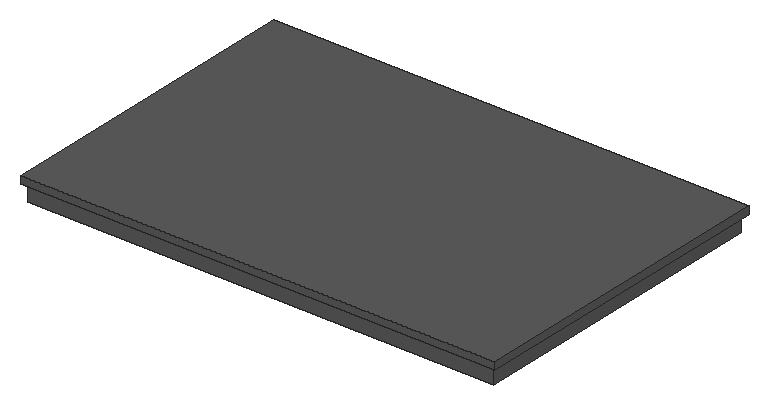
Revit family "FlushPlateControlPanel-12cm-SmartPanel-Vitra-VCareSeries-742-15", category Plumbing Fixtures, host Face, Revit 2017
Family settings
  Host = Face
  Round Connector Dimension = Use Diameter
  Part Type = Normal
  OmniClass Number = 23.45.00.00
  OmniClass Title = Sanitary, Laundry, and Cleaning Equipment
  Cut with Voids When Loaded = No
  Shared = Yes
  Room Calculation Point = No
Parameters (values of type "FlushPlateControlPanel-SmartPanel-Vitra-VCareSeries_742-1501")
  Youtube = "https://www.youtube.com/user/VitrAglobal"
  Weight Net (kg) = "1.54"
  Waste Connection = no
  Warranty Period (Year) = "2 Years"
  Vent Connection = no
  Uniformat II Description = "PLUMBING"
  Uniformat II Code = "D20"
  Uniclass 2015 Name = "Sanitary accessories"
  Uniclass 2015 Code = "Pr_40_20_76"
  Uniclass 2.0 Description = "Sanitary Accessories"
  Uniclass 2.0 Code = "PR-31-75"
  Uniclass 1.4 Description = "Packaged plumbing units"
  Uniclass 1.4 Code = "L71111"
  URL = "https://www.vitra.com.tr/"
  UNSPSC Description = "Plumbing connectors"
  UNSPSC Code = ""
  Technical description = "https://www.vitraglobal.com/pdf/742-1501/"
  Tap hole Options (default) = ""
  Specification = ""
  Region South America = "All"
  Region Oceania = "All"
  Region North America = "All"
  Region Middle East = "All"
  Region Europe = "All"
  Region Asia = "All"
  Region Antarctica = "All"
  Region Africa = "All"
  Product url = "https://www.vitraglobal.com/flushing-solutions-flush-plates/flush-plates/smart-control-panels/smart-panel-sku-742-1501/"
  Product manual = ""
  Product group = "WC Cisterns Control Panel"
  Product family = "V-Care"
  Product data url = ""
  Product certification = "https://www.vitraglobal.com/brochures/"
  Product Type = ""
  Product SKU = "742-1501"
  Product Properties = "Vitra V-Care Control Panel"
  Product Guid = ""
  OmniClass Description = "Plumbing Specific Products and Equipment"
  OmniClass Code = "23-31 00 00"
  Nominal Width (mm) = 238 mm
  Nominal Height (mm) = 159 mm
  Nominal Depth (mm) = 12 mm
  NBS Referans Description = "Sanitary Accessories"
  NBS Referans Code = "31-75"
  Mounting type = "Wall Mounted"
  Model = "742-1501"
  Masterformat 2014 Description = "Plumbing"
  Masterformat 2014 Code = "22 00 00"
  Manufacturer name = "Vitra"
  Manufacturer = "Vitra"
  Main Material = "Metal"
  Installation instructions = "https://www.vitraglobal.com/uyeIslem/fileDownload.aspx?udkEnc=xIlZtQJB765O7UlNFbrtstcTIZxr43Lrjda2q43+/bW4nK0+sfbHTOfY7kWEOeIIilBEDll1wGeGheV6qW0mkQ==&lang=en-US"
  IFC Classification = "Sanitary Terminal"
  Help = ""
  HW Connection = no
  GTIP code = ""
  Features = ""
  EAN code = ""
  Design country = "Turkey"
  Description = "VitrA WC Cisterns Control Panel - Smart Panel\r\nCompatible with Regular Frames (742-frames)"
  Default Elevation = 0 mm
  Color = "Black"
  Coating Material = Matte Black
  Calculated flow = ""
  CW Connection = no
  COBIe Type Category = ""
  Brand = "VitrA"
  BIMobject category = "Toilet Cisterns"
  Article No. (default) = "742-1501"
  Approvals = ""
  ApplicationType = ""
  Accessories (default) = ""
Reference planes
  plane 1 "Center (Front/Back)": y = 0
  plane 2: z = 0
  plane 3 "Center (Left/Right)": x = 0
  plane 4: z = 4
  plane 5: z = -8
  plane 6: y = 79.5
  plane 7: y = -79.5
  plane 8: x = 119
  plane 9: x = -119
Forms (mm)
  Extrusion 1, solid, material "Matte Black" <- "Coating Material", detail levels medium+fine
    sketch origin (0, 0, 0) x (1, 0, 0) y (0, 1, 0)
      loop
        line (119, 79.5) -> (-119, 79.5) -> (-119, -79.5) -> (119, -79.5) -> (119, 79.5)
    from 0 to 4
  Extrusion 2, solid, material "Matte Black" <- "Coating Material", detail levels medium+fine
    sketch origin (0, 0, 0) x (1, 0, 0) y (0, 1, 0)
      loop
        line (117, 77.5) -> (-117, 77.5) -> (-117, -77.5) -> (117, -77.5) -> (117, 77.5)
    from 0 to -8
  Extrusion 3, solid, detail levels coarse
    sketch origin (0, 0, 0) x (1, 0, 0) y (0, 1, 0)
      loop
        line (119, 79.5) -> (-119, 79.5) -> (-119, -79.5) -> (119, -79.5) -> (119, 79.5)
    from 4 to -8
Cuts and joins
  joined: Extrusion 1, Extrusion 2
Lines and regions (mm)
  model lines, style "0", detail levels fine
    curve 1: line (119, 79.5, 4) -> (-119, 79.5, 4)
    curve 2: line (-119, 79.5, 4) -> (-119, -79.5, 4)
    curve 3: line (-119, -79.5, 4) -> (119, -79.5, 4)
    curve 4: line (119, -79.5, 4) -> (119, 79.5, 4)
    curve 5: line (-52.066, 26.833, 4) -> (-52.555, 27.537, 4)
    curve 6: line (-52.555, 27.537, 4) -> (-53.1, 26.876, 4)
    curve 7: line (99.36, -57.938, 4) -> (97.728, -58.065, 4)
    curve 8: line (-48.347, -60.727, 4) -> (-47.457, -60.727, 4)
    curve 9: line (-99.733, -60.474, 4) -> (-94.323, -60.474, 4)
    curve 10: line (-47.457, -60.361, 4) -> (-48.204, -60.361, 4)
    curve 11: line (-48.204, -60.361, 4) -> (-48.204, -58.762, 4)
    curve 12: line (-94.323, -59.974, 4) -> (-99.733, -59.974, 4)
    curve 13: line (-25.205, -59.824, 4) -> (-23.592, -59.824, 4)
    curve 14: line (-21.881, -59.824, 4) -> (-20.348, -59.824, 4)
    curve 15: line (-49.737, -60.493, 4) -> (-49.737, -59.769, 4)
    curve 16: line (-49.737, -59.769, 4) -> (-49.13, -59.769, 4)
    curve 17: line (-43.167, -60.493, 4) -> (-43.167, -59.754, 4)
    curve 18: line (-43.167, -59.754, 4) -> (-42.371, -59.754, 4)
    curve 19: line (-42.371, -59.754, 4) -> (-42.371, -60.493, 4)
    curve 20: line (-42.371, -58.762, 4) -> (-42.371, -59.392, 4)
    curve 21: line (-42.371, -59.392, 4) -> (-43.167, -59.392, 4)
    curve 22: line (-43.167, -59.392, 4) -> (-43.167, -58.762, 4)
    curve 23: line (-20.348, -59.321, 4) -> (-21.881, -59.321, 4)
    curve 24: line (-23.592, -59.321, 4) -> (-25.205, -59.321, 4)
    curve 25: line (-49.13, -59.435, 4) -> (-49.737, -59.435, 4)
    curve 26: line (-49.737, -59.435, 4) -> (-49.737, -58.873, 4)
    curve 27: line (-49.737, -58.873, 4) -> (-49.011, -58.873, 4)
    curve 28: line (-49.011, -58.53, 4) -> (-49.88, -58.53, 4)
    curve 29: line (-99.733, -58.261, 4) -> (-94.323, -58.261, 4)
    curve 30: line (-0.171, -58.254, 4) -> (1.493, -58.254, 4)
    curve 31: line (1.493, -58.254, 4) -> (1.493, -59.156, 4)
    curve 32: line (1.994, -59.156, 4) -> (1.994, -58.254, 4)
    curve 33: line (1.994, -58.254, 4) -> (2.965, -58.254, 4)
    curve 34: line (2.965, -58.254, 4) -> (2.965, -59.156, 4)
    curve 35: line (3.465, -59.156, 4) -> (3.465, -58.254, 4)
    curve 36: line (3.465, -58.254, 4) -> (3.903, -58.254, 4)
    curve 37: line (-94.323, -57.761, 4) -> (-99.733, -57.761, 4)
    curve 38: line (3.903, -57.754, 4) -> (-0.172, -57.754, 4)
    curve 39: line (-50.151, -57.601, 4) -> (-50.048, -57.267, 4)
    curve 40: line (-50.048, -57.267, 4) -> (-49.151, -57.267, 4)
    curve 41: line (-49.151, -57.267, 4) -> (-49.048, -57.594, 4)
    curve 42: line (-25.205, -57.204, 4) -> (-23.672, -57.204, 4)
    curve 43: line (-21.961, -57.204, 4) -> (-20.348, -57.204, 4)
    curve 44: line (-49.604, -55.763, 4) -> (-49.312, -56.728, 4)
    curve 45: line (-49.312, -56.728, 4) -> (-49.89, -56.728, 4)
    curve 46: line (-49.89, -56.728, 4) -> (-49.604, -55.763, 4)
    curve 47: line (-20.348, -56.701, 4) -> (-21.961, -56.701, 4)
    curve 48: line (-23.672, -56.701, 4) -> (-25.205, -56.701, 4)
    curve 49: line (-99.733, -56.048, 4) -> (-94.323, -56.048, 4)
    curve 50: line (-48.51, -57.362, 4) -> (-49.133, -55.503, 4)
    curve 51: line (-50.106, -58.803, 4) -> (-50.106, -60.493, 4)
    curve 52: line (-48.573, -58.762, 4) -> (-48.573, -60.454, 4)
    curve 53: line (-48.306, -55.328, 4) -> (-48.306, -56.714, 4)
    curve 54: line (-47.723, -56.745, 4) -> (-47.723, -55.328, 4)
    curve 55: line (-47.157, -58.762, 4) -> (-47.157, -59.819, 4)
    curve 56: line (-46.788, -59.843, 4) -> (-46.788, -58.762, 4)
    curve 57: line (-46.783, -55.328, 4) -> (-46.783, -56.757, 4)
    curve 58: line (-41.341, 23.031, 4) -> (-41.839, 23.673, 4)
    curve 59: line (-41.839, 23.673, 4) -> (-42.356, 23.047, 4)
    curve 60: line (-45.717, -55.555, 4) -> (-45.24, -55.555, 4)
    curve 61: line (-45.24, -55.555, 4) -> (-45.24, -57.598, 4)
    curve 62: line (-44.658, -57.598, 4) -> (-44.658, -55.555, 4)
    curve 63: line (-44.658, -55.555, 4) -> (-44.181, -55.555, 4)
    curve 64: line (-94.323, -55.548, 4) -> (-99.733, -55.548, 4)
    curve 65: line (-44.181, -54.973, 4) -> (-45.717, -54.973, 4)
    curve 66: line (97.779, -58.5, 4) -> (99.467, -58.598, 4)
    curve 67: line (-46.199, -56.714, 4) -> (-46.199, -55.328, 4)
    curve 68: line (-45.995, -58.762, 4) -> (-45.995, -59.852, 4)
    curve 69: line (-45.627, -59.819, 4) -> (-45.627, -58.762, 4)
    curve 70: line (-43.535, -58.762, 4) -> (-43.535, -60.493, 4)
    curve 71: line (-42.003, -60.493, 4) -> (-42.003, -58.762, 4)
    curve 72: line (9.677, 48.165, 4) -> (7.298, 47.191, 4)
    curve 73: line (1.764, 48.41, 4) -> (-0.145, 47.639, 4)
    curve 74: line (-50.002, -55.314, 4) -> (-50.676, -57.378, 4)
    curve 75: line (-0.285, 25.853, 4) -> (-5.348, 17.083, 4)
    curve 76: line (4.497, 17.245, 4) -> (-4.504, 17.245, 4)
    curve 77: line (-4.504, 17.245, 4) -> (-0.003, 25.041, 4)
    curve 78: line (-0.003, 25.041, 4) -> (4.497, 17.245, 4)
    curve 79: line (-9.489, 47.007, 4) -> (-9.442, 46.074, 4)
    curve 80: line (-7.818, 46.073, 4) -> (-7.818, 47.005, 4)
    curve 81: line (0.283, 19.548, 4) -> (0.332, 23.203, 4)
    curve 82: line (0.332, 23.203, 4) -> (-0.26, 23.277, 4)
    curve 83: line (-0.26, 23.277, 4) -> (-0.286, 19.548, 4)
    curve 84: line (-0.286, 19.548, 4) -> (0.209, 19.474, 4)
    curve 85: line (48.464, -58.207, 4) -> (47.843, -57.586, 4)
    curve 86: line (47.843, -57.586, 4) -> (47.843, -56.71, 4)
    curve 87: line (47.442, -56.71, 4) -> (47.501, -57.811, 4)
    curve 88: line (47.501, -57.811, 4) -> (48.18, -58.49, 4)
    curve 89: line (45.032, -54.665, 4) -> (45.213, -54.662, 4)
    curve 90: line (40.734, 18.258, 4) -> (40.216, 18.885, 4)
    curve 91: line (40.216, 18.885, 4) -> (39.718, 18.243, 4)
    curve 92: line (-5.067, 16.595, 4) -> (5.06, 16.595, 4)
    curve 93: line (5.342, 17.083, 4) -> (0.278, 25.853, 4)
    curve 94: line (20.585, 44.938, 4) -> (17.458, 44.694, 4)
    curve 95: line (17.555, 43.86, 4) -> (20.789, 43.674, 4)
    curve 96: line (83.665, -56.858, 4) -> (83.689, -57.345, 4)
    curve 97: line (84.527, -57.345, 4) -> (84.546, -56.86, 4)
    curve 98: line (89.538, -56.126, 4) -> (88.541, -56.529, 4)
    curve 99: line (93.667, -56.254, 4) -> (92.426, -56.762, 4)
    curve 100: arc (-52.636, 25.38, 4) -> (-49.751, 21.292, 4) -> (-46.842, 17.221, 4) r 861.142
    curve 101: arc (-1.755, 50.916, 4) -> (-1.728, 49, 4) -> (-1.692, 47.084, 4) r 451.781
    curve 102: arc (-1.634, 44.532, 4) -> (-1.546, 41.537, 4) -> (-1.437, 38.542, 4) r 440.718
    curve 103: arc (87.701, -54.819, 4) -> (87.715, -55.818, 4) -> (87.734, -56.818, 4) r 237.278
    curve 104: arc (87.764, -58.15, 4) -> (87.81, -59.713, 4) -> (87.867, -61.275, 4) r 229.774
    curve 105: arc (-25.826, -2.448, 4) -> (-26.18, -0.979, 4) -> (-26.689, 0.444, 4) r 14.242
    curve 106: circle (-2.186, -58.011, 4) r 2.03 normal (0, 0, 1)
    curve 107: arc (47.737, -59.722, 4) -> (49.761, -57.701, 4) -> (47.739, -55.678, 4) r 2.022
    curve 108: circle (-2.185, -58.011, 4) r 1.53 normal (0, 0, 1)
    curve 109: circle (-8.644, 49.787, 4) r 0.842 normal (0, 0, 1)
    curve 110: circle (84.105, -55.407, 4) r 0.439 normal (0, 0, 1)
    curve 111: arc (1.493, -59.156, 4) -> (1.743, -59.406, 4) -> (1.994, -59.156, 4) r 0.25
    curve 112: arc (2.965, -59.156, 4) -> (3.215, -59.406, 4) -> (3.465, -59.156, 4) r 0.25
    curve 113: arc (3.903, -58.254, 4) -> (4.153, -58.004, 4) -> (3.903, -57.754, 4) r 0.25
    curve 114: arc (-94.323, -60.474, 4) -> (-94.073, -60.224, 4) -> (-94.323, -59.974, 4) r 0.25
    curve 115: arc (-99.733, -59.974, 4) -> (-99.983, -60.224, 4) -> (-99.733, -60.474, 4) r 0.25
    curve 116: arc (-94.323, -58.261, 4) -> (-94.073, -58.011, 4) -> (-94.323, -57.761, 4) r 0.25
    curve 117: arc (-99.733, -57.761, 4) -> (-99.983, -58.011, 4) -> (-99.733, -58.261, 4) r 0.25
    curve 118: arc (-94.323, -56.048, 4) -> (-94.073, -55.798, 4) -> (-94.323, -55.548, 4) r 0.25
    curve 119: arc (-99.733, -55.548, 4) -> (-99.983, -55.798, 4) -> (-99.733, -56.048, 4) r 0.25
    curve 120: arc (47.843, -56.71, 4) -> (47.643, -56.51, 4) -> (47.442, -56.71, 4) r 0.201
    curve 121: line (-44.033, -59.597, 4) -> (-44.459, -58.829, 4)
    curve 122: line (-44.882, -59.673, 4) -> (-44.682, -60.427, 4)
    curve 123: line (-41.558, -55.654, 4) -> (-43.71, -57.271, 4)
    curve 124: line (-43.71, -57.271, 4) -> (-41.558, -55.654, 4)
    curve 125: line (-17.317, 38.937, 4) -> (-12.975, 51.795, 4)
    curve 126: line (-12.975, 51.795, 4) -> (-13.265, 52.111, 4)
    curve 127: line (-13.265, 52.111, 4) -> (-13.744, 51.99, 4)
    curve 128: line (-13.744, 51.99, 4) -> (-18.072, 40.932, 4)
    curve 129: line (-18.072, 40.932, 4) -> (-19.139, 40.932, 4)
    curve 130: line (-19.139, 40.932, 4) -> (-23.451, 51.995, 4)
    curve 131: line (-23.451, 51.995, 4) -> (-24.19, 51.799, 4)
    curve 132: line (-24.19, 51.799, 4) -> (-17.317, 38.937, 4)
    curve 133: line (-9.147, 38.581, 4) -> (-8.134, 38.581, 4)
    curve 134: line (-8.134, 38.581, 4) -> (-7.818, 46.073, 4)
    curve 135: line (-7.818, 47.005, 4) -> (-9.489, 47.007, 4)
    curve 136: line (-9.442, 46.074, 4) -> (-9.147, 38.581, 4)
    curve 137: line (-1.692, 47.084, 4) -> (-2.065, 46.323, 4)
    curve 138: line (-2.065, 46.323, 4) -> (-1.634, 44.532, 4)
    curve 139: line (-1.437, 38.542, 4) -> (-0.469, 38.542, 4)
    curve 140: line (-0.469, 38.542, 4) -> (-0.228, 43.462, 4)
    curve 141: line (-0.228, 43.462, 4) -> (0.206, 45.331, 4)
    curve 142: line (0.206, 45.331, 4) -> (2.275, 47.45, 4)
    curve 143: line (2.275, 47.45, 4) -> (1.764, 48.41, 4)
    curve 144: line (-0.145, 47.639, 4) -> (-0.143, 50.903, 4)
    curve 145: line (-0.143, 50.903, 4) -> (-1.755, 50.916, 4)
    curve 146: line (8.248, 45.383, 4) -> (10.103, 47.301, 4)
    curve 147: line (10.103, 47.301, 4) -> (9.677, 48.165, 4)
    curve 148: line (7.298, 47.191, 4) -> (6.48, 45.746, 4)
    curve 149: line (6.48, 45.746, 4) -> (6.682, 38.581, 4)
    curve 150: line (6.682, 38.581, 4) -> (7.694, 38.583, 4)
    curve 151: line (7.694, 38.583, 4) -> (7.871, 43.792, 4)
    curve 152: line (7.871, 43.792, 4) -> (8.248, 45.383, 4)
    curve 153: line (18.072, 49.335, 4) -> (19.139, 49.335, 4)
    curve 154: line (19.139, 49.335, 4) -> (20.74, 45.509, 4)
    curve 155: line (20.74, 45.509, 4) -> (20.585, 44.938, 4)
    curve 156: line (17.458, 44.694, 4) -> (17.555, 43.86, 4)
    curve 157: line (20.789, 43.674, 4) -> (21.678, 43.027, 4)
    curve 158: line (21.678, 43.027, 4) -> (23.452, 38.271, 4)
    curve 159: line (23.452, 38.271, 4) -> (24.19, 38.468, 4)
    curve 160: line (24.19, 38.468, 4) -> (19.901, 51.329, 4)
    curve 161: line (19.901, 51.329, 4) -> (17.318, 51.329, 4)
    curve 162: line (17.318, 51.329, 4) -> (12.976, 38.472, 4)
    curve 163: line (12.976, 38.472, 4) -> (13.744, 38.277, 4)
    curve 164: line (13.744, 38.277, 4) -> (18.072, 49.335, 4)
    curve 165: line (27.493, -0.605, 4) -> (39.718, 18.243, 4)
    curve 166: line (39.91, -18.572, 4) -> (27.493, -0.605, 4)
    curve 167: line (53.53, -2.714, 4) -> (39.91, -18.572, 4)
    curve 168: line (40.734, 18.258, 4) -> (53.53, -2.714, 4)
    curve 169: line (-26.689, 0.444, 4) -> (-41.341, 23.031, 4)
    curve 170: line (-42.356, 23.047, 4) -> (-46.03, 18.319, 4)
    curve 171: line (-46.03, 18.319, 4) -> (-52.066, 26.833, 4)
    curve 172: line (-53.1, 26.876, 4) -> (-65.478, 6.588, 4)
    curve 173: line (-65.478, 6.588, 4) -> (-57.958, -7.636, 4)
    curve 174: line (-57.958, -7.636, 4) -> (-25.826, -2.448, 4)
    curve 175: line (79.579, -61.069, 4) -> (81.845, -54.36, 4)
    curve 176: line (81.845, -54.36, 4) -> (81.694, -54.195, 4)
    curve 177: line (81.694, -54.195, 4) -> (81.444, -54.258, 4)
    curve 178: line (81.444, -54.258, 4) -> (79.185, -60.028, 4)
    curve 179: line (79.185, -60.028, 4) -> (78.628, -60.028, 4)
    curve 180: line (78.628, -60.028, 4) -> (76.378, -54.255, 4)
    curve 181: line (76.378, -54.255, 4) -> (75.992, -54.358, 4)
    curve 182: line (75.992, -54.358, 4) -> (79.579, -61.069, 4)
    curve 183: line (83.843, -61.255, 4) -> (84.372, -61.255, 4)
    curve 184: line (84.372, -61.255, 4) -> (84.527, -57.345, 4)
    curve 185: line (84.546, -56.86, 4) -> (83.665, -56.858, 4)
    curve 186: line (83.689, -57.345, 4) -> (83.843, -61.255, 4)
    curve 187: line (87.734, -56.818, 4) -> (87.539, -57.215, 4)
    curve 188: line (87.539, -57.215, 4) -> (87.764, -58.15, 4)
    curve 189: line (87.867, -61.275, 4) -> (88.372, -61.275, 4)
    curve 190: line (88.372, -61.275, 4) -> (88.498, -58.708, 4)
    curve 191: line (88.498, -58.708, 4) -> (89.804, -56.627, 4)
    curve 192: line (89.804, -56.627, 4) -> (89.538, -56.126, 4)
    curve 193: line (88.541, -56.529, 4) -> (88.542, -54.826, 4)
    curve 194: line (88.542, -54.826, 4) -> (87.701, -54.819, 4)
    curve 195: line (93.89, -56.705, 4) -> (93.667, -56.254, 4)
    curve 196: line (92.426, -56.762, 4) -> (91.999, -57.516, 4)
    curve 197: line (91.999, -57.516, 4) -> (92.104, -61.255, 4)
    curve 198: line (92.104, -61.255, 4) -> (92.632, -61.254, 4)
    curve 199: line (92.632, -61.254, 4) -> (92.725, -58.536, 4)
    curve 200: line (92.725, -58.536, 4) -> (92.922, -57.706, 4)
    curve 201: line (92.922, -57.706, 4) -> (93.89, -56.705, 4)
    curve 202: line (98.049, -55.643, 4) -> (98.606, -55.643, 4)
    curve 203: line (98.606, -55.643, 4) -> (99.441, -57.64, 4)
    curve 204: line (99.441, -57.64, 4) -> (99.36, -57.938, 4)
    curve 205: line (97.728, -58.065, 4) -> (97.779, -58.5, 4)
    curve 206: line (99.467, -58.598, 4) -> (99.93, -58.935, 4)
    curve 207: line (99.93, -58.935, 4) -> (100.857, -61.417, 4)
    curve 208: line (100.857, -61.417, 4) -> (101.242, -61.314, 4)
    curve 209: line (101.242, -61.314, 4) -> (99.003, -54.603, 4)
    curve 210: line (99.003, -54.603, 4) -> (97.655, -54.603, 4)
    curve 211: line (97.655, -54.603, 4) -> (95.389, -61.312, 4)
    curve 212: line (95.389, -61.312, 4) -> (95.79, -61.414, 4)
    curve 213: line (95.79, -61.414, 4) -> (98.049, -55.643, 4)
    curve 214: line (-42.371, -60.493, 4) -> (-42.003, -60.493, 4)
    curve 215: line (-42.003, -58.762, 4) -> (-42.189, -58.492, 4)
    curve 216: line (-42.189, -58.492, 4) -> (-42.371, -58.762, 4)
    curve 217: line (-43.167, -58.762, 4) -> (-43.535, -58.762, 4)
    curve 218: line (-43.535, -60.493, 4) -> (-43.167, -60.493, 4)
    curve 219: line (-45.627, -58.762, 4) -> (-45.813, -58.492, 4)
    curve 220: line (-45.813, -58.492, 4) -> (-45.995, -58.762, 4)
    curve 221: line (-45.995, -59.852, 4) -> (-46.787, -59.922, 4)
    curve 222: line (-46.788, -58.762, 4) -> (-47.157, -58.762, 4)
    curve 223: line (-47.157, -59.819, 4) -> (-45.627, -59.819, 4)
    curve 224: line (-47.457, -60.727, 4) -> (-47.457, -60.361, 4)
    curve 225: line (-48.204, -58.762, 4) -> (-48.573, -58.762, 4)
    curve 226: line (-48.573, -60.454, 4) -> (-48.347, -60.727, 4)
    curve 227: line (-49.13, -59.769, 4) -> (-49.13, -59.435, 4)
    curve 228: line (-49.011, -58.873, 4) -> (-49.011, -58.53, 4)
    curve 229: line (-49.88, -58.53, 4) -> (-50.106, -58.803, 4)
    curve 230: line (-50.106, -60.493, 4) -> (-49.737, -60.493, 4)
    curve 231: line (-49.048, -57.594, 4) -> (-48.434, -57.687, 4)
    curve 232: line (-48.434, -57.687, 4) -> (-48.51, -57.362, 4)
    curve 233: line (-49.133, -55.503, 4) -> (-50.002, -55.314, 4)
    curve 234: line (-50.676, -57.378, 4) -> (-50.24, -57.85, 4)
    curve 235: line (-46.472, -57.708, 4) -> (-46.199, -56.714, 4)
    curve 236: line (-46.199, -55.328, 4) -> (-46.783, -55.328, 4)
    curve 237: line (-46.783, -56.757, 4) -> (-47.723, -56.745, 4)
    curve 238: line (-47.723, -55.328, 4) -> (-48.306, -55.328, 4)
    curve 239: line (-48.306, -56.714, 4) -> (-46.472, -57.708, 4)
    curve 240: line (-44.181, -55.555, 4) -> (-44.181, -54.973, 4)
    curve 241: line (-45.717, -54.973, 4) -> (-45.717, -55.555, 4)
    curve 242: line (-45.24, -57.598, 4) -> (-44.658, -57.598, 4)
    curve 243: line (-0.285, 25.853, 4) -> (0.278, 25.853, 4)
    curve 244: line (-5.067, 16.595, 4) -> (-5.348, 17.083, 4)
    curve 245: line (5.342, 17.083, 4) -> (5.06, 16.595, 4)
    curve 246: line (47.739, -55.678, 4) -> (46.366, -56.219, 4)
    curve 247: line (46.366, -56.219, 4) -> (45.213, -54.662, 4)
    curve 248: line (45.032, -54.665, 4) -> (42.852, -58.025, 4)
    curve 249: line (42.852, -58.025, 4) -> (45.115, -61.227, 4)
    curve 250: line (45.115, -61.227, 4) -> (47.407, -59.693, 4)
    curve 251: line (47.407, -59.693, 4) -> (47.737, -59.722, 4)
    curve 252: line (-22.055, -58.385, 4) -> (-23.592, -59.824, 4)
    curve 253: line (-22.55, -58.346, 4) -> (-22.055, -58.385, 4)
    curve 254: line (-23.592, -59.321, 4) -> (-22.55, -58.346, 4)
    curve 255: line (-25.205, -57.204, 4) -> (-25.205, -59.321, 4)
    curve 256: line (-23.672, -56.701, 4) -> (-23.672, -57.204, 4)
    curve 257: line (-25.205, -59.824, 4) -> (-25.205, -56.701, 4)
    curve 258: line (-20.348, -56.701, 4) -> (-20.348, -59.824, 4)
    curve 259: line (-23.498, -58.141, 4) -> (-21.961, -56.701, 4)
    curve 260: line (-23.003, -58.178, 4) -> (-23.498, -58.141, 4)
    curve 261: line (-21.961, -57.204, 4) -> (-23.003, -58.178, 4)
    curve 262: line (-20.348, -59.321, 4) -> (-20.348, -57.204, 4)
    curve 263: line (-21.881, -59.824, 4) -> (-21.881, -59.321, 4)
    curve 264: line (-42.888, -55.548, 4) -> (-42.38, -57.37, 4)
    curve 265: line (-42.38, -57.37, 4) -> (-42.888, -55.548, 4)
    curve 266: line (40.245, 16.793, 4) -> (28.692, -1.108, 4)
    curve 267: line (52.272, -3.042, 4) -> (40.245, 16.793, 4)
    curve 268: line (40.189, -17.269, 4) -> (52.272, -3.042, 4)
    curve 269: line (28.692, -1.108, 4) -> (40.189, -17.269, 4)
    curve 270: line (-28.319, -11.068, 4) -> (-56.427, -2.396, 4)
    curve 271: line (-56.427, -2.396, 4) -> (-41.868, 21.582, 4)
    curve 272: line (-41.868, 21.582, 4) -> (-27.888, -0.059, 4)
    curve 273: line (-27.888, -0.059, 4) -> (-28.319, -11.068, 4)
    curve 274: line (-57.685, -2.068, 4) -> (-58.109, -6.131, 4)
    curve 275: line (-58.109, -6.131, 4) -> (-64.22, 6.26, 4)
    curve 276: line (-64.22, 6.26, 4) -> (-52.636, 25.38, 4)
    curve 277: line (-46.842, 17.221, 4) -> (-57.685, -2.068, 4)
    curve 278: line (47.739, -59.291, 4) -> (47.744, -56.109, 4)
    curve 279: line (47.744, -56.109, 4) -> (47.739, -59.291, 4)
    curve 280: line (48.464, -58.207, 4) -> (48.322, -58.549, 4)
    curve 281: line (-0.454, 18.447, 4) -> (0.447, 18.454, 4)
    curve 282: line (0.447, 18.454, 4) -> (-0.454, 18.447, 4)
    curve 283: line (46.91, -59.543, 4) -> (45.717, -57.7, 4)
    curve 284: line (45.117, -60.76, 4) -> (46.91, -59.543, 4)
    curve 285: line (43.336, -58.18, 4) -> (45.117, -60.76, 4)
    curve 286: line (45.125, -55.322, 4) -> (43.336, -58.18, 4)
    curve 287: line (46.04, -56.607, 4) -> (45.125, -55.322, 4)
    curve 288: line (45.717, -57.7, 4) -> (46.04, -56.607, 4)
    curve 289: line (-44.459, -58.829, 4) -> (-43.959, -58.864, 4)
    curve 290: line (-43.959, -58.864, 4) -> (-45.207, -59.375, 4)
    curve 291: line (-45.207, -59.375, 4) -> (-44.882, -59.673, 4)
    curve 292: line (-44.682, -60.427, 4) -> (-45.271, -60.279, 4)
    curve 293: line (-45.271, -60.279, 4) -> (-43.885, -59.815, 4)
    curve 294: line (-43.885, -59.815, 4) -> (-44.033, -59.597, 4)
    curve 295: line (-50.24, -57.85, 4) -> (-50.151, -57.601, 4)
Dimensions and locks
  "Nominal Depth (mm)": plane 4 to plane 5
  "Nominal Width (mm)": plane 9 to plane 8
  "Nominal Height (mm)": plane 6 to plane 7
  aligned and locked: plane 2 to host face
  aligned and locked: level to host face
Automatic sketch dimensions
  host sketch curve to host sketch curve = 2438.4 mm  (x2)
  Extrusion 1 sketch curve to plane 6 = 0 mm
  Extrusion 1 sketch curve to plane 9 = 0 mm
  Extrusion 1 sketch curve to plane 7 = 0 mm
  Extrusion 1 sketch curve to plane 8 = 0 mm
  Extrusion 2 sketch curve to plane 9 = 2 mm
  plane 8 to Extrusion 2 sketch curve = 2 mm
  plane 7 to Extrusion 2 sketch curve = 2 mm
  Extrusion 2 sketch curve to plane 6 = 2 mm
  Extrusion 3 sketch curve to plane 6 = 0 mm
  Extrusion 3 sketch curve to plane 9 = 0 mm
  Extrusion 3 sketch curve to plane 7 = 0 mm
  Extrusion 3 sketch curve to plane 8 = 0 mm
  curve 1 to plane 6 = 0 mm
  curve 3 to plane 7 = 0 mm
  curve 1 to plane 9 = 0 mm
  curve 4 to plane 8 = 0 mm
  plane 6 to curve 100 = 440.327 mm
  curve 101 to plane 6 = 23.015 mm
  curve 101 to curve 102 = 0.496 mm
  curve 126 to plane 3 "Center (Left/Right)" = 13.265 mm
  curve 126 to plane 6 = 27.389 mm
  curve 126 to curve 131 = 0.115 mm
  curve 127 to plane 3 "Center (Left/Right)" = 13.744 mm
  curve 126 to curve 127 = 0.121 mm
  curve 130 to curve 132 = 0.196 mm
  curve 126 to plane 3 "Center (Left/Right)" = 12.975 mm
  curve 126 to curve 126 = 0.315 mm
  curve 162 to plane 6 = 28.171 mm
  curve 161 to curve 161 = 0 mm
  curve 145 to plane 3 "Center (Left/Right)" = 1.755 mm
  curve 125 to curve 145 = 0.879 mm
  curve 144 to plane 3 "Center (Left/Right)" = 0.143 mm
  curve 101 to curve 144 = 0.013 mm
  curve 125 to curve 109 = 2.008 mm
  curve 161 to curve 153 = 1.994 mm
  plane 3 "Center (Left/Right)" to curve 73 = 1.764 mm
  curve 144 to curve 73 = 2.493 mm
  plane 3 "Center (Left/Right)" to curve 147 = 9.677 mm
  curve 73 to curve 147 = 0.245 mm
  curve 144 to plane 3 "Center (Left/Right)" = 0.145 mm
  curve 73 to curve 144 = 0.771 mm
  plane 3 "Center (Left/Right)" to curve 143 = 2.275 mm
  curve 73 to curve 143 = 0.96 mm
  plane 3 "Center (Left/Right)" to curve 146 = 10.103 mm
  curve 72 to curve 146 = 0.863 mm
  plane 3 "Center (Left/Right)" to curve 148 = 7.298 mm
  curve 72 to curve 148 = 0.973 mm
  curve 137 to plane 3 "Center (Left/Right)" = 1.692 mm
  curve 73 to curve 137 = 0.555 mm
  curve 135 to plane 3 "Center (Left/Right)" = 9.489 mm
  curve 109 to curve 135 = 2.78 mm
  curve 79 to curve 80 = 0.002 mm
  curve 138 to plane 3 "Center (Left/Right)" = 2.065 mm
  curve 137 to curve 138 = 0.76 mm
  curve 136 to plane 3 "Center (Left/Right)" = 9.442 mm
  curve 79 to curve 136 = 0.933 mm
  curve 80 to curve 80 = 0.932 mm
  plane 3 "Center (Left/Right)" to curve 149 = 6.48 mm
  curve 72 to curve 149 = 1.445 mm
  curve 153 to curve 155 = 3.826 mm
  plane 3 "Center (Left/Right)" to curve 146 = 8.248 mm
  curve 148 to curve 146 = 0.363 mm
  plane 3 "Center (Left/Right)" to curve 141 = 0.206 mm
  curve 73 to curve 141 = 2.308 mm
  curve 154 to curve 94 = 0.571 mm
  curve 94 to curve 94 = 0.244 mm
  curve 138 to plane 3 "Center (Left/Right)" = 1.634 mm
  curve 137 to curve 138 = 1.792 mm
  plane 3 "Center (Left/Right)" to curve 95 = 17.555 mm
  curve 94 to curve 95 = 0.834 mm
  plane 3 "Center (Left/Right)" to curve 151 = 7.871 mm
  curve 146 to curve 151 = 1.591 mm
  curve 94 to curve 157 = 1.264 mm
  curve 141 to plane 3 "Center (Left/Right)" = 0.228 mm
  curve 102 to curve 141 = 1.07 mm
  curve 95 to curve 157 = 0.646 mm
  curve 136 to curve 129 = 5.142 mm
  curve 125 to plane 3 "Center (Left/Right)" = 17.317 mm
  curve 128 to curve 125 = 1.995 mm
  plane 3 "Center (Left/Right)" to curve 151 = 7.694 mm
  curve 151 to curve 151 = 5.209 mm
  plane 3 "Center (Left/Right)" to curve 149 = 6.682 mm
  curve 150 to curve 149 = 0.001 mm
  curve 136 to plane 3 "Center (Left/Right)" = 9.147 mm
  curve 136 to curve 136 = 7.493 mm
  curve 139 to plane 3 "Center (Left/Right)" = 1.437 mm
  curve 140 to curve 139 = 4.92 mm
  plane 3 "Center (Left/Right)" to curve 162 = 12.976 mm
  curve 150 to curve 162 = 0.111 mm
  curve 157 to curve 160 = 4.559 mm
  plane 3 "Center (Left/Right)" to curve 163 = 13.744 mm
  curve 162 to curve 163 = 0.195 mm
  curve 159 to curve 158 = 0.197 mm
  curve 5 to plane 1 "Center (Front/Back)" = 27.537 mm
  curve 5 to curve 6 = 0.661 mm
  curve 5 to curve 171 = 0.703 mm
  curve 75 to plane 3 "Center (Left/Right)" = 0.285 mm
  curve 139 to curve 75 = 12.689 mm
  curve 5 to curve 276 = 1.453 mm
  curve 78 to plane 3 "Center (Left/Right)" = 0.003 mm
  curve 93 to curve 78 = 0.812 mm
  curve 5 to curve 59 = 3.16 mm
  curve 83 to plane 3 "Center (Left/Right)" = 0.26 mm
  curve 77 to curve 83 = 1.764 mm
  plane 3 "Center (Left/Right)" to curve 82 = 0.332 mm
  curve 82 to curve 82 = 0.075 mm
  curve 58 to curve 170 = 0.627 mm
  curve 58 to curve 58 = 0.642 mm
  curve 58 to curve 271 = 1.449 mm
  curve 84 to plane 3 "Center (Left/Right)" = 0.286 mm
  curve 81 to curve 84 = 3.655 mm
  curve 91 to plane 1 "Center (Front/Back)" = 18.885 mm
  curve 272 to curve 170 = 3.263 mm
  curve 90 to curve 90 = 0.627 mm
  curve 90 to curve 91 = 0.642 mm
  curve 83 to curve 76 = 2.303 mm
  curve 170 to curve 277 = 1.098 mm
  plane 3 "Center (Left/Right)" to curve 93 = 5.342 mm
  curve 78 to curve 93 = 0.163 mm
  curve 75 to plane 3 "Center (Left/Right)" = 5.348 mm
  curve 76 to curve 75 = 0.163 mm
  curve 165 to curve 266 = 1.45 mm
  plane 3 "Center (Left/Right)" to curve 245 = 5.06 mm
  curve 93 to curve 245 = 0.487 mm
  curve 173 to plane 1 "Center (Front/Back)" = 6.588 mm
  curve 172 to curve 275 = 0.328 mm
  curve 169 to plane 1 "Center (Front/Back)" = 0.444 mm
  plane 1 "Center (Front/Back)" to curve 272 = 0.059 mm
  plane 1 "Center (Front/Back)" to curve 166 = 0.605 mm
  plane 1 "Center (Front/Back)" to curve 269 = 1.108 mm
  plane 1 "Center (Front/Back)" to curve 277 = 2.068 mm
  curve 277 to curve 270 = 0.328 mm
  plane 1 "Center (Front/Back)" to curve 174 = 2.448 mm
  plane 1 "Center (Front/Back)" to curve 168 = 2.714 mm
  curve 168 to curve 267 = 0.328 mm
  plane 1 "Center (Front/Back)" to curve 105 = 5.051 mm
  curve 277 to curve 274 = 4.063 mm
  curve 274 to curve 173 = 1.505 mm
  curve 174 to curve 273 = 8.619 mm
  plane 1 "Center (Front/Back)" to curve 268 = 17.269 mm
  curve 268 to curve 166 = 1.304 mm
  plane 7 to curve 103 = 27.608 mm
  curve 103 to curve 104 = 0.282 mm
  plane 7 to curve 176 = 25.305 mm
  curve 176 to curve 181 = 0.06 mm
  curve 176 to curve 178 = 0.063 mm
  curve 180 to curve 181 = 0.103 mm
  curve 176 to curve 175 = 0.165 mm
  curve 175 to curve 210 = 0.243 mm
  curve 210 to curve 210 = 0 mm
  plane 7 to curve 89 = 24.838 mm
  curve 89 to curve 248 = 0.003 mm
  curve 175 to curve 194 = 0.459 mm
  curve 103 to curve 193 = 0.007 mm
  plane 7 to curve 65 = 24.527 mm
  curve 65 to curve 74 = 0.34 mm
  curve 89 to curve 287 = 0.657 mm
  curve 65 to curve 236 = 0.355 mm
  curve 238 to curve 57 = 0 mm
  curve 175 to curve 110 = 1.048 mm
  curve 53 to curve 233 = 0.175 mm
  plane 7 to curve 64 = 23.952 mm
  curve 65 to curve 60 = 0.582 mm
  curve 65 to curve 63 = 0.582 mm
  curve 209 to curve 203 = 1.04 mm
  curve 286 to curve 246 = 0.356 mm
  curve 50 to curve 46 = 0.26 mm
  curve 64 to curve 118 = 0.25 mm
  curve 193 to curve 98 = 1.301 mm
  curve 107 to curve 246 = 0.542 mm
  curve 98 to curve 195 = 0.128 mm
  curve 98 to curve 193 = 0.402 mm
  curve 246 to curve 288 = 0.388 mm
  curve 98 to curve 192 = 0.501 mm
  curve 63 to curve 256 = 1.146 mm
  curve 48 to curve 47 = 0 mm
  curve 99 to curve 195 = 0.451 mm
  curve 107 to curve 120 = 1.033 mm
  curve 120 to curve 87 = 0 mm
  curve 60 to curve 67 = 1.159 mm
  curve 53 to curve 239 = 1.386 mm
  curve 53 to curve 45 = 0.015 mm
  curve 53 to curve 237 = 0.031 mm
  curve 67 to curve 57 = 0.043 mm
  curve 99 to curve 196 = 0.508 mm
  curve 98 to curve 187 = 0.29 mm
  curve 110 to curve 185 = 1.451 mm
  curve 96 to curve 97 = 0.002 mm
  curve 47 to curve 43 = 0.503 mm
  curve 48 to curve 42 = 0.503 mm
  curve 187 to curve 187 = 0.397 mm
  curve 45 to curve 39 = 0.538 mm
  curve 96 to curve 96 = 0.487 mm
  curve 97 to curve 184 = 0.485 mm
  curve 40 to curve 50 = 0.095 mm
  curve 39 to curve 234 = 0.111 mm
  curve 99 to curve 196 = 0.754 mm
  curve 86 to curve 85 = 0.875 mm
  curve 40 to curve 231 = 0.327 mm
  curve 67 to curve 62 = 0.884 mm
  curve 39 to curve 295 = 0.334 mm
  curve 202 to curve 204 = 1.997 mm
  curve 232 to curve 232 = 0.324 mm
  curve 287 to curve 283 = 1.093 mm
  curve 85 to curve 107 = 0.114 mm
  curve 196 to curve 201 = 0.189 mm
  curve 57 to curve 239 = 0.951 mm
  plane 3 "Center (Left/Right)" to curve 38 = 3.903 mm
  plane 7 to curve 38 = 21.746 mm
  curve 119 to curve 37 = 1.713 mm
  curve 107 to curve 88 = 0.111 mm
  curve 39 to curve 295 = 0.249 mm
  curve 203 to curve 7 = 0.298 mm
  curve 38 to curve 113 = 0.25 mm
  curve 38 to curve 106 = 0.256 mm
  curve 106 to curve 108 = 0 mm
  curve 117 to curve 117 = 0.25 mm
  curve 283 to curve 249 = 0.325 mm
  curve 7 to curve 205 = 0.127 mm
  curve 42 to curve 259 = 0.937 mm
  curve 187 to curve 188 = 0.935 mm
  curve 259 to curve 260 = 0.037 mm
  curve 248 to curve 286 = 0.155 mm
  curve 85 to curve 280 = 0.621 mm
  curve 38 to curve 30 = 0.5 mm
  curve 34 to curve 35 = 0 mm
  curve 260 to curve 253 = 0.168 mm
  curve 253 to curve 253 = 0.039 mm
  curve 62 to curve 215 = 0.894 mm
  curve 235 to curve 220 = 0.785 mm
  curve 7 to curve 205 = 0.435 mm
  curve 41 to curve 228 = 0.936 mm
  curve 200 to curve 199 = 0.83 mm
  curve 7 to curve 206 = 0.66 mm
  curve 104 to curve 191 = 0.558 mm
  curve 28 to curve 225 = 0.232 mm
  curve 219 to curve 56 = 0.27 mm
  curve 215 to curve 215 = 0.27 mm
  curve 215 to curve 22 = 0.27 mm
  curve 215 to curve 216 = 0.27 mm
  curve 219 to curve 68 = 0.27 mm
  curve 219 to curve 219 = 0.27 mm
  curve 28 to curve 229 = 0.273 mm
  curve 70 to curve 121 = 0.067 mm
  curve 70 to curve 289 = 0.102 mm
  curve 28 to curve 27 = 0.343 mm
  curve 66 to curve 206 = 0.337 mm
  curve 33 to curve 112 = 0.902 mm
  curve 30 to curve 31 = 0.902 mm
  curve 252 to curve 263 = 0.936 mm
  curve 259 to curve 255 = 1.18 mm
  curve 69 to curve 290 = 0.613 mm
  curve 20 to curve 20 = 0.629 mm
  curve 26 to curve 25 = 0.562 mm
  curve 87 to curve 284 = 1.732 mm
  curve 289 to curve 121 = 0.733 mm
  curve 290 to curve 291 = 0.298 mm
  curve 283 to curve 251 = 0.15 mm
  curve 250 to curve 251 = 0.03 mm
  curve 20 to curve 19 = 0.363 mm
  curve 25 to curve 16 = 0.334 mm
  curve 294 to curve 293 = 0.218 mm
  curve 55 to curve 55 = 1.057 mm
  curve 23 to curve 14 = 0.503 mm
  curve 24 to curve 13 = 0.503 mm
  curve 69 to curve 221 = 0.033 mm
  curve 29 to curve 12 = 1.713 mm
  curve 96 to curve 180 = 2.683 mm
  curve 114 to curve 114 = 0.25 mm
  curve 69 to curve 293 = 0.46 mm
  curve 55 to curve 224 = 0.543 mm
  curve 293 to curve 292 = 0.148 mm
  curve 10 to curve 226 = 0.093 mm
  curve 15 to curve 230 = 0.724 mm
  curve 17 to curve 17 = 0.739 mm
  curve 18 to curve 214 = 0.739 mm
  curve 10 to curve 224 = 0.366 mm
  curve 283 to curve 285 = 1.217 mm
  curve 178 to curve 182 = 1.041 mm
  curve 284 to curve 249 = 0.467 mm
  curve 200 to curve 198 = 2.718 mm
  curve 198 to curve 198 = 0.001 mm
  curve 96 to curve 183 = 3.91 mm
  curve 190 to curve 189 = 2.567 mm
  curve 198 to curve 211 = 0.058 mm
  curve 206 to curve 209 = 2.379 mm
  curve 211 to curve 212 = 0.102 mm
  curve 208 to curve 207 = 0.103 mm
  curve 115 to plane 9 = 19.267 mm
  curve 119 to curve 12 = 0 mm
  curve 29 to curve 12 = 0 mm
  curve 117 to curve 116 = 5.41 mm
  curve 12 to curve 29 = 0 mm
  curve 64 to curve 37 = 0 mm
  curve 172 to plane 9 = 53.522 mm
  curve 172 to curve 275 = 1.258 mm
  curve 275 to curve 275 = 6.111 mm
  curve 274 to curve 174 = 0.151 mm
  curve 275 to curve 274 = 0.424 mm
  curve 277 to curve 270 = 1.258 mm
  curve 275 to curve 172 = 11.12 mm
  curve 172 to curve 276 = 0.465 mm
  curve 6 to curve 6 = 0.545 mm
  curve 5 to curve 171 = 0.49 mm
  curve 37 to curve 74 = 43.647 mm
  curve 74 to curve 295 = 0.436 mm
  curve 234 to curve 295 = 0.089 mm
  curve 234 to curve 229 = 0.134 mm
  curve 295 to curve 40 = 0.103 mm
  curve 39 to curve 74 = 0.045 mm
  curve 39 to curve 45 = 0.157 mm
  curve 51 to curve 229 = 0.226 mm
  curve 28 to curve 27 = 0.143 mm
  curve 15 to curve 25 = 0 mm
  curve 74 to curve 44 = 0.399 mm
  curve 45 to curve 45 = 0.578 mm
  curve 44 to curve 41 = 0.161 mm
  curve 44 to curve 50 = 0.471 mm
  curve 15 to curve 16 = 0.607 mm
  curve 40 to curve 231 = 0.103 mm
  curve 26 to curve 228 = 0.726 mm
  curve 16 to curve 226 = 0.557 mm
  curve 41 to curve 50 = 0.538 mm
  curve 232 to curve 232 = 0.076 mm
  curve 52 to curve 8 = 0.226 mm
  curve 50 to curve 53 = 0.827 mm
  curve 52 to curve 225 = 0.369 mm
  curve 53 to curve 54 = 0.584 mm
  curve 10 to curve 8 = 0.747 mm
  curve 11 to curve 55 = 1.048 mm
  curve 276 to curve 277 = 5.793 mm
  curve 55 to curve 56 = 0.369 mm
  curve 54 to curve 57 = 0.94 mm
  curve 57 to curve 239 = 0.31 mm
  curve 57 to curve 235 = 0.583 mm
  curve 100 to curve 171 = 0.812 mm
  curve 56 to curve 68 = 0.793 mm
  curve 68 to curve 219 = 0.182 mm
  curve 67 to curve 241 = 0.482 mm
  curve 219 to curve 69 = 0.186 mm
  curve 69 to curve 293 = 0.355 mm
  curve 219 to curve 242 = 0.573 mm
  curve 69 to curve 290 = 0.419 mm
  curve 290 to curve 291 = 0.325 mm
  curve 293 to curve 122 = 0.589 mm
  curve 60 to curve 62 = 0.582 mm
  curve 290 to curve 289 = 0.748 mm
  curve 62 to curve 240 = 0.477 mm
  curve 122 to curve 121 = 0.848 mm
  curve 121 to curve 289 = 0.5 mm
  curve 294 to curve 293 = 0.148 mm
  curve 293 to curve 218 = 0.35 mm
  curve 293 to curve 17 = 0.719 mm
  curve 22 to curve 17 = 0 mm
  curve 17 to curve 214 = 0.795 mm
  curve 21 to curve 18 = 0 mm
  curve 171 to curve 59 = 3.674 mm
  curve 20 to curve 216 = 0.183 mm
  curve 19 to curve 214 = 0.369 mm
  curve 59 to curve 272 = 0.488 mm
  curve 170 to curve 59 = 0.517 mm
  curve 58 to curve 58 = 0.498 mm
  curve 271 to curve 105 = 16.599 mm
  curve 105 to curve 273 = 11.508 mm
  curve 270 to curve 272 = 0.432 mm
  curve 273 to curve 169 = 1.199 mm
  curve 71 to curve 255 = 16.797 mm
  curve 257 to curve 24 = 0 mm
  curve 132 to curve 127 = 10.447 mm
  curve 48 to curve 256 = 1.533 mm
  curve 24 to curve 254 = 1.613 mm
  curve 13 to curve 24 = 0 mm
  curve 42 to curve 259 = 0.175 mm
  curve 131 to curve 130 = 0.739 mm
  curve 259 to curve 261 = 0.495 mm
  curve 260 to curve 253 = 0.453 mm
  curve 253 to curve 252 = 0.494 mm
  curve 252 to curve 261 = 0.094 mm
  curve 259 to curve 43 = 0 mm
  curve 252 to curve 14 = 0.175 mm
  curve 47 to curve 258 = 1.613 mm
  curve 23 to curve 14 = 0 mm
  curve 129 to curve 125 = 1.822 mm
  curve 129 to curve 128 = 1.067 mm
  curve 79 to curve 109 = 0.844 mm
  curve 133 to curve 133 = 1.013 mm
  curve 79 to curve 135 = 1.67 mm
  curve 75 to curve 92 = 0.282 mm
  curve 92 to curve 77 = 0.563 mm
  curve 106 to plane 3 "Center (Left/Right)" = 2.186 mm
  curve 106 to curve 108 = 0.001 mm
  curve 140 to plane 3 "Center (Left/Right)" = 0.469 mm
  plane 3 "Center (Left/Right)" to curve 243 = 0.278 mm
  plane 3 "Center (Left/Right)" to curve 31 = 1.493 mm
  curve 31 to curve 111 = 0.25 mm
  curve 33 to curve 36 = 0.938 mm
  curve 34 to curve 112 = 0.25 mm
  curve 76 to curve 93 = 0.844 mm
  curve 161 to curve 95 = 0.238 mm
  curve 94 to curve 95 = 0.097 mm
  curve 161 to curve 153 = 0.754 mm
  curve 153 to curve 153 = 1.067 mm
  curve 153 to curve 160 = 0.761 mm
  curve 94 to curve 155 = 3.127 mm
  curve 94 to curve 155 = 0.155 mm
  curve 94 to curve 157 = 0.205 mm
  curve 95 to curve 158 = 0.888 mm
  curve 157 to curve 158 = 1.775 mm
  curve 158 to curve 160 = 0.738 mm
  plane 3 "Center (Left/Right)" to curve 165 = 27.493 mm
  curve 165 to curve 266 = 1.199 mm
  curve 266 to curve 91 = 11.026 mm
  curve 266 to curve 166 = 11.218 mm
  curve 166 to curve 268 = 0.279 mm
  curve 91 to curve 91 = 0.498 mm
  curve 165 to curve 267 = 0.527 mm
  curve 90 to curve 90 = 0.517 mm
  curve 113 to curve 248 = 38.949 mm
  curve 248 to curve 286 = 0.484 mm
  curve 285 to curve 89 = 1.696 mm
  curve 285 to curve 249 = 1.779 mm
  curve 249 to curve 285 = 0.002 mm
  curve 89 to curve 287 = 0.094 mm
  curve 89 to curve 89 = 0.181 mm
  curve 285 to curve 288 = 2.38 mm
  curve 283 to curve 288 = 0.323 mm
  curve 287 to curve 247 = 0.326 mm
  curve 284 to curve 283 = 1.794 mm
  curve 283 to curve 250 = 0.497 mm
  curve 246 to curve 87 = 1.076 mm
  curve 87 to curve 88 = 0.059 mm
  curve 120 to curve 120 = 0.2 mm
  curve 250 to curve 251 = 0.33 mm
  curve 120 to curve 246 = 0.096 mm
  curve 85 to curve 85 = 0.621 mm
  curve 268 to curve 267 = 12.083 mm
  curve 267 to curve 167 = 1.258 mm
  curve 85 to curve 181 = 27.528 mm
  curve 181 to curve 181 = 0.386 mm
  curve 180 to curve 179 = 2.25 mm
  curve 179 to curve 179 = 0.557 mm
  curve 178 to curve 182 = 0.394 mm
  curve 180 to curve 177 = 5.066 mm
  curve 177 to curve 176 = 0.25 mm
  curve 176 to curve 175 = 0.151 mm
  curve 175 to curve 185 = 1.82 mm
  curve 96 to curve 96 = 0.024 mm
  curve 96 to curve 186 = 0.154 mm
  curve 96 to curve 110 = 0.441 mm
  curve 183 to curve 183 = 0.529 mm
  curve 96 to curve 184 = 0.837 mm
  curve 97 to curve 185 = 0.02 mm
  curve 97 to curve 187 = 2.993 mm
  curve 187 to curve 194 = 0.162 mm
  curve 187 to curve 187 = 0.195 mm
  curve 187 to curve 188 = 0.225 mm
  curve 104 to curve 189 = 0.103 mm
  curve 104 to curve 189 = 0.505 mm
  curve 104 to curve 191 = 0.734 mm
  curve 103 to curve 193 = 0.807 mm
  curve 103 to curve 193 = 0.841 mm
  curve 98 to curve 192 = 0.996 mm
  curve 98 to curve 192 = 0.266 mm
  curve 191 to curve 196 = 2.195 mm
  curve 189 to curve 198 = 3.732 mm
  curve 196 to curve 196 = 0.427 mm
  curve 197 to curve 199 = 0.528 mm
  curve 196 to curve 200 = 0.726 mm
  curve 199 to curve 200 = 0.197 mm
  curve 99 to curve 99 = 1.242 mm
  curve 99 to curve 195 = 0.222 mm
  curve 198 to curve 212 = 2.756 mm
  curve 211 to curve 213 = 0.401 mm
  curve 195 to curve 211 = 3.765 mm
  curve 210 to curve 205 = 0.073 mm
  curve 7 to curve 205 = 0.051 mm
  curve 210 to curve 202 = 0.394 mm
  curve 202 to curve 203 = 0.557 mm
  curve 202 to curve 209 = 0.397 mm
  curve 7 to curve 204 = 1.632 mm
  curve 7 to curve 204 = 0.081 mm
  curve 7 to curve 206 = 0.107 mm
  curve 66 to curve 206 = 0.464 mm
  curve 206 to curve 208 = 0.926 mm
  curve 207 to curve 209 = 0.385 mm
  plane 3 "Center (Left/Right)" to curve 81 = 0.283 mm
  curve 83 to curve 81 = 0 mm
  plane 3 "Center (Left/Right)" to curve 84 = 0.209 mm
  curve 81 to curve 84 = 0.074 mm
  plane 3 "Center (Left/Right)" to curve 281 = 0.447 mm
  curve 84 to curve 281 = 1.02 mm
  plane 3 "Center (Left/Right)" to curve 282 = 0.447 mm
  curve 282 to curve 281 = 0 mm
  curve 282 to plane 3 "Center (Left/Right)" = 0.454 mm
  curve 281 to curve 282 = 0.007 mm
  curve 281 to plane 3 "Center (Left/Right)" = 0.454 mm
  curve 281 to curve 282 = 0 mm
  curve 265 to curve 63 = 0.007 mm
  curve 264 to curve 265 = 0 mm  (x2)
  curve 264 to curve 123 = 0.106 mm
  curve 124 to curve 123 = 0 mm
  curve 107 to curve 278 = 0.432 mm
  curve 279 to curve 278 = 0 mm  (x4)
  curve 124 to curve 62 = 0.327 mm
  curve 123 to curve 124 = 0 mm  (x3)
  curve 264 to curve 215 = 1.123 mm
  curve 265 to curve 264 = 0 mm  (x2)
  curve 85 to curve 88 = 0.284 mm
  curve 88 to curve 280 = 0.059 mm
  curve 278 to curve 107 = 0.432 mm
  curve 55 to curve 56 = 0.024 mm
  curve 56 to curve 221 = 0.079 mm
  curve 56 to curve 221 = 0.001 mm
  curve 62 to curve 124 = 0.948 mm
  curve 63 to curve 264 = 1.292 mm
  curve 265 to curve 215 = 0.191 mm
  curve 264 to curve 124 = 1.331 mm
  curve 38 to plane 3 "Center (Left/Right)" = 0.172 mm
  curve 107 to curve 278 = 0.002 mm
  curve 107 to curve 278 = 0.005 mm
  curve 88 to curve 85 = 0.284 mm
  curve 88 to curve 280 = 0.142 mm
  radius of curve 108 = 1.53 mm
  radius of curve 109 = 0.842 mm
  radius of curve 110 = 0.439 mm
Connectors
  electrical at (0, 0, 0)
    settings: on cut or joined group of Extrusion 1, Extrusion 2, index 1, voltage 220 V, apparent load 0 VA, apparent load phase1 0 VA, apparent load phase2 0 VA, apparent load phase3 0 VA, power factor 1, load classification "Power", number of poles 1, system type 31, power factor state 1, is connector primary yes, connector utility no, sub classification motor no, connector description ""
